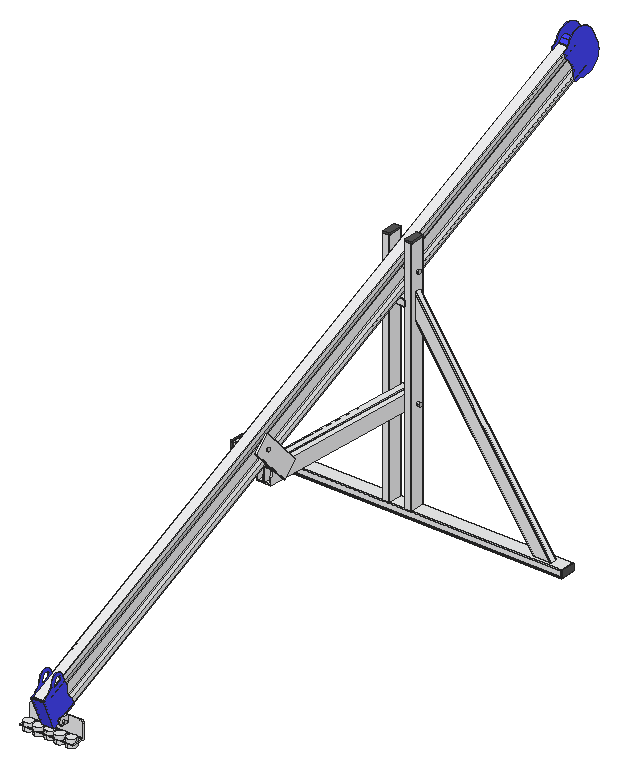
Revit family "FallProtection_RopeAccessNeedle_Kattsafe_1200AFrame", category Specialty Equipment, Revit 2025 (continued)
Definition of nested family "Rearattachment_Kattsafe_Needle"
  Lines and regions (mm)
    Masking region 1, visible <- "MountMaskCalc"
      outline origin (0, 0, 0) x (1, 0, 0) y (0, 1, 0)
        loop
          arc (135, -133.5) -> (142.071, -130.571) -> (145, -123.5) r 10
          line (145, -123.5) -> (145, 123.5)
          arc (145, 123.5) -> (142.071, 130.571) -> (135, 133.5) r 10
          line (135, 133.5) -> (-135, 133.5)
    Masking region 2, visible <- "Trolley"
      outline origin (0, 0, 0) x (1, 0, 0) y (0, 1, 0)
        loop
          line (-145, 36) -> (-145, 30) -> (-58.5, 30) -> (-58.5, -20) -> (-52.5, -20) -> (-52.5, 30) -> (52.5, 30) -> (52.5, -20) -> (58.5, -20) -> (58.5, 30) -> (145, 30) -> (145, 36) -> (-145, 36)
    symbolic lines, visible <- "Clamp"
      curve 1: line (-52.5, 50, 0) -> (-52.5, -50, 0)
      curve 2: line (-58.5, 50, 0) -> (-58.5, -50, 0)
      curve 3: line (-30, 50, 0) -> (-58.5, 50, 0)
      curve 4: line (-58.5, -50, 0) -> (-30, -50, 0)
      curve 5: line (30, 50, 0) -> (58.5, 50, 0)
      curve 6: line (52.5, -50, 0) -> (52.5, 50, 0)
      curve 7: line (58.5, -50, 0) -> (30, -50, 0)
      curve 8: line (58.5, 50, 0) -> (58.5, -50, 0)
    symbolic lines, visible <- "DeckMount", detail levels medium+fine
      curve 9: line (-145, 83.5, 0) -> (145, 83.5, 0)
      curve 10: line (-145, 64.993, 0) -> (145, 64.993, 0)
      curve 11: line (-145, -64.993, 0) -> (145, -64.993, 0)
      curve 12: line (-145, -83.5, 0) -> (145, -83.5, 0)
    symbolic lines, visible <- "ConcreteMount", detail levels medium+fine
      curve 13: line (-117.5, 9, 0) -> (-107.5, 9, 0)
      curve 14: arc (-107.5, 9, 0) -> (-98.5, 0, 0) -> (-107.5, -9, 0) r 9
      curve 15: line (-107.5, -9, 0) -> (-117.5, -9, 0)
      curve 16: arc (-117.5, -9, 0) -> (-126.5, 0, 0) -> (-117.5, 9, 0) r 9
      curve 17: line (117.5, -9, 0) -> (107.5, -9, 0)
      curve 18: arc (107.5, -9, 0) -> (98.5, 0, 0) -> (107.5, 9, 0) r 9
      curve 19: line (107.5, 9, 0) -> (117.5, 9, 0)
      curve 20: arc (117.5, 9, 0) -> (126.5, 0, 0) -> (117.5, -9, 0) r 9
    symbolic lines, detail levels medium+fine
      curve 21: line (30, 8, 0) -> (73, 8, 0)
      curve 22: line (73, 8, 0) -> (73, -8, 0)
      curve 23: line (73, -8, 0) -> (30, -8, 0)
      curve 24: line (-30, 8, 0) -> (-73, 8, 0)
      curve 25: line (-73, 8, 0) -> (-73, -8, 0)
      curve 26: line (-73, -8, 0) -> (-30, -8, 0)
    symbolic lines, visible <- "Trolley", detail levels medium+fine
      curve 27: line (-52.5, 30, 0) -> (-52.5, 36, 0)
      curve 28: line (52.5, 30, 0) -> (52.5, 36, 0)
  Dimensions and locks
    "MountClampOffset": plane 4 to plane 2
    locked: plane 5 to plane 4 at 98
    locked: plane 4 to Extrusion 1 sketch curve at 73
    locked: Extrusion 3 sketch curve to plane 4 at 6
    equal spacing: plane 6, plane 3 "Center (Left/Right)", plane 7
    "MountBaseWidth": plane 6 to plane 7
    equal spacing: plane 9, plane 1 "Center (Front/Back)", plane 8
    "MountBaseDepth": plane 9 to plane 8
    locked: plane 2 to plane 10 at 3
    "DeckFlangeCalc": plane 8 to plane 11
    "DeckFlangeCalc": plane 12 to plane 9
    "FixingBoltTopOffset": plane 5 to plane 13 "FixingBolt"
    locked: plane 14 to plane 1 "Center (Front/Back)" at 33
    locked: Extrusion 4 sketch curve to Extrusion 4 sketch curve at 2  (x2)
    locked: plane 10 to Extrusion 4 sketch curve at 2  (x2)
    locked: plane 4 to Extrusion 4 sketch curve at 2
    locked: Extrusion 6 sketch curve to plane 3 "Center (Left/Right)" at 145
    locked: plane 3 "Center (Left/Right)" to Extrusion 6 sketch curve at 145
    "DeckRubberWidthCalc": plane 6 to Extrusion 8 sketch curve
    "DeckRubberDepthCalc": Extrusion 8 sketch curve to plane 8
    equal spacing: Extrusion 8 sketch curve, plane 3 "Center (Left/Right)", Extrusion 8 sketch curve
    "DeckRubberWidthCalc": Extrusion 8 sketch curve to plane 7
    "DeckRubberDepthCalc": plane 9 to Extrusion 8 sketch curve
    plane 16 to plane 3 "Center (Left/Right)" to plane 17 = 58.5 mm locked, 58.5 mm locked
    locked: plane 19 to plane 16 at 58.5
    locked: plane 17 to plane 18 at 58.5
    plane 20 "VertRollersBack" to plane 14 to plane 21 "VertRollersFront" = 20 mm locked, 20 mm locked
    plane 23 "HoriRollersTop" to plane 15 to plane 22 "HoriRollerBtm" = 20 mm locked, 20 mm locked
    locked: plane 15 to Extrusion 9 sketch curve at 3.5  (x2)
    locked: plane 24 to plane 14 at 48
    locked: plane 24 to Extrusion 10 sketch curve at 3.5  (x2)
    locked: plane 2 to plane 15 at 30
    locked: plane 15 to Extrusion 11 sketch curve at 3.5  (x2)
    locked: plane 24 to Extrusion 12 sketch curve at 3.5  (x2)
    locked: plane 25 "TrolleyTop" to plane 26 at 40
    "TrolleyFixingOffset": plane 26 to plane 2
    equal spacing: plane 25 "TrolleyTop", Extrusion 13 sketch curve, plane 26
    equal spacing: plane 25 "TrolleyTop", Extrusion 14 sketch curve, plane 26
    Extrusion 7 sketch curve to Extrusion 7 sketch curve = 6 mm
    equal spacing: Extrusion 7 sketch curve, plane 15, Extrusion 7 sketch curve
    locked: plane 1 "Center (Front/Back)" to plane 24 at 15
    locked: plane 14 to Extrusion 7 sketch curve at 72
    plane 27 to plane 1 "Center (Front/Back)" to plane 28 = 50 mm locked, 50 mm locked
    "DeckRubberWidthCalc": Extrusion 8 sketch curve to Extrusion 8 sketch curve
    plane 30 to plane 3 "Center (Left/Right)" to plane 29 = 30 mm locked, 30 mm locked
    curve 12 to curve 11 to plane 1 "Center (Front/Back)" = 18.507 mm locked, 64.993 mm locked
    plane 1 "Center (Front/Back)" to curve 10 to curve 9 = 64.993 mm locked, 18.507 mm locked
    curve 26 to plane 1 "Center (Front/Back)" to curve 24 = 8 mm locked, 8 mm locked
    locked: Masking region 2 sketch curve to plane 14 at 53
    locked: Extrusion 16 sketch curve to Extrusion 16 sketch curve at 6  (x2)
    locked: Extrusion 16 sketch curve to Extrusion 16 sketch curve at 46
    locked: plane 3 "Center (Left/Right)" to Extrusion 16 sketch curve at 160
    locked: Extrusion 16 sketch curve to plane 3 "Center (Left/Right)" at 160
    locked: plane 6 to Extrusion 2 sketch curve at 27.5
    locked: Extrusion 2 sketch curve to plane 7 at 27.5
    radius of Extrusion 1 sketch curve = 15 mm  (x2)
    radius of Extrusion 3 sketch curve = 6 mm  (x2)
    radius of Extrusion 3 sketch curve = 12 mm  (x2)
    radius of Extrusion 5 sketch curve = 8 mm
    radius of Extrusion 6 sketch curve = 10 mm  (x2)
    radius of Extrusion 7 sketch curve = 4 mm
    radius of Extrusion 7 sketch curve = 10 mm
    "BaseFilletCalc": radius of Masking region 1 sketch curve  (x4)
    radius of Extrusion 2 sketch curve = 10 mm  (x4)
    radius of Extrusion 13 sketch curve = 20 mm
    radius of Extrusion 14 sketch curve = 20 mm
    radius of Extrusion 13 sketch curve = 9 mm
    radius of Extrusion 14 sketch curve = 9 mm
    radius of Extrusion 15 sketch curve = 20 mm  (x2)
    radius of curve 14 = 9 mm
    radius of curve 16 = 9 mm
    radius of curve 20 = 9 mm
    radius of curve 18 = 9 mm
    radius of Extrusion 16 sketch curve = 6 mm  (x4)
    radius of Extrusion 16 sketch curve = 12 mm  (x4)
    locked: Extrusion 4 sketch curve to plane 11 (angle 20.00°)  (x2)
    locked: plane 12 to Extrusion 4 sketch curve (angle 20.00°)  (x2)
    aligned and locked: level to plane 2
    aligned and locked: plane 5 to Extrusion 3 sketch curve
    aligned and locked: Extrusion 1 to Extrusion 3
    aligned and locked: Extrusion 3 to Extrusion 1
    aligned and locked: plane 4 to Extrusion 1
    aligned and locked: plane 5 to Extrusion 1 sketch curve
    aligned and locked: plane 4 to Extrusion 3 sketch curve
    aligned and locked: Extrusion 3 sketch curve to plane 4
    aligned and locked: plane 6 to Extrusion 4
    aligned and locked: Extrusion 4 to plane 7
    aligned and locked: plane 10 to Extrusion 4
    aligned and locked: plane 4 to Extrusion 4 sketch curve
    aligned and locked: plane 1 "Center (Front/Back)" to Extrusion 5 sketch curve
    aligned and locked: plane 13 "FixingBolt" to Extrusion 5 sketch curve
    aligned and locked: plane 11 to Extrusion 4 sketch curve
    aligned and locked: plane 12 to Extrusion 4 sketch curve
    aligned and locked: Extrusion 2 sketch curve to plane 9
    aligned and locked: plane 9 to Extrusion 2 sketch curve
    aligned and locked: plane 8 to Extrusion 2 sketch curve
    aligned and locked: Extrusion 2 sketch curve to plane 8
    aligned and locked: plane 7 to Masking region 1 sketch curve
    aligned and locked: plane 8 to Masking region 1 sketch curve
    aligned and locked: Masking region 1 sketch curve to plane 6
    aligned and locked: curve 1 to cut or joined group of Extrusion 1, Extrusion 3
    aligned and locked: curve 2 to cut or joined group of Extrusion 1, Extrusion 3
    aligned and locked: cut or joined group of Extrusion 1, Extrusion 3 to curve 3
    aligned and locked: curve 4 to cut or joined group of Extrusion 1, Extrusion 3
    aligned and locked: curve 8 to cut or joined group of Extrusion 1, Extrusion 3
    aligned and locked: curve 6 to cut or joined group of Extrusion 1, Extrusion 3
    aligned and locked: curve 5 to cut or joined group of Extrusion 1, Extrusion 3
    aligned and locked: curve 7 to cut or joined group of Extrusion 1, Extrusion 3
    aligned and locked: cut or joined group of Extrusion 2, Extrusion 4 to plane 8
    aligned and locked: plane 9 to cut or joined group of Extrusion 2, Extrusion 4
    aligned and locked: Masking region 1 sketch curve to plane 9
    aligned and locked: plane 8 to Extrusion 8 sketch curve  (x3)
    aligned and locked: Extrusion 8 sketch curve to plane 6  (x2)
    aligned and locked: plane 7 to Extrusion 8 sketch curve  (x2)
    aligned and locked: Extrusion 8 sketch curve to Extrusion 8 sketch curve  (x8)
    aligned and locked: Extrusion 8 sketch curve to plane 9  (x3)
    aligned and locked: Extrusion 8 to plane 2
    aligned and locked: Extrusion 8 to plane 10
    aligned and locked: plane 15 to Extrusion 9 sketch curve  (x3)
    aligned and locked: plane 19 to Extrusion 9 sketch curve
    aligned and locked: plane 16 to Extrusion 9 sketch curve
    aligned and locked: plane 3 "Center (Left/Right)" to Extrusion 9 sketch curve
    aligned and locked: plane 17 to Extrusion 9 sketch curve
    aligned and locked: plane 18 to Extrusion 9 sketch curve
    aligned and locked: plane 21 "VertRollersFront" to Extrusion 9
    aligned and locked: Extrusion 10 to plane 23 "HoriRollersTop"
    aligned and locked: plane 19 to Extrusion 10 sketch curve
    aligned and locked: plane 24 to Extrusion 10 sketch curve  (x3)
    aligned and locked: plane 16 to Extrusion 10 sketch curve
    aligned and locked: plane 3 "Center (Left/Right)" to Extrusion 10 sketch curve
    aligned and locked: plane 17 to Extrusion 10 sketch curve
    aligned and locked: plane 18 to Extrusion 10 sketch curve
    aligned and locked: Extrusion 10 to Extrusion 7
    aligned and locked: Extrusion 11 to plane 20 "VertRollersBack"
    aligned and locked: plane 19 to Extrusion 11 sketch curve
    aligned and locked: plane 16 to Extrusion 11 sketch curve
    aligned and locked: plane 3 "Center (Left/Right)" to Extrusion 11 sketch curve
    aligned and locked: plane 17 to Extrusion 11 sketch curve
    aligned and locked: plane 18 to Extrusion 11 sketch curve
    aligned and locked: Extrusion 12 to plane 22 "HoriRollerBtm"
    aligned and locked: plane 19 to Extrusion 12 sketch curve
    aligned and locked: plane 16 to Extrusion 12 sketch curve
    aligned and locked: plane 3 "Center (Left/Right)" to Extrusion 12 sketch curve
    aligned and locked: plane 17 to Extrusion 12 sketch curve
    aligned and locked: plane 18 to Extrusion 12 sketch curve
    aligned and locked: plane 24 to Extrusion 12 sketch curve  (x3)
    aligned and locked: plane 25 "TrolleyTop" to Extrusion 13
    aligned and locked: Extrusion 13 to plane 26
    aligned and locked: Extrusion 13 to Extrusion 6
    aligned and locked: Extrusion 14 sketch curve to plane 25 "TrolleyTop"
    aligned and locked: Extrusion 14 sketch curve to plane 26
    aligned and locked: Extrusion 14 sketch curve to Extrusion 6
    aligned and locked: plane 1 "Center (Front/Back)" to Extrusion 13 sketch curve
    aligned and locked: Extrusion 13 to cut or joined group of Extrusion 1, Extrusion 3
    aligned and locked: plane 16 to Extrusion 13
    aligned and locked: Extrusion 14 to plane 17
    aligned and locked: cut or joined group of Extrusion 1, Extrusion 3 to Extrusion 14
    aligned and locked: Extrusion 15 sketch curve to plane 25 "TrolleyTop"  (x3)
    aligned and locked: Extrusion 15 sketch curve to Extrusion 6
    aligned and locked: Extrusion 6 to Extrusion 15 sketch curve
    aligned and locked: Extrusion 6 to Extrusion 15
    aligned and locked: Extrusion 15 to Extrusion 6
    aligned and locked: Extrusion 15 sketch curve to Extrusion 13
    aligned and locked: Extrusion 15 sketch curve to Extrusion 14
    aligned and locked: Extrusion 15 sketch curve to plane 26
    aligned and locked: Extrusion 12 to cut or joined group of Extrusion 7, Extrusion 15
    aligned and locked: plane 15 to Extrusion 11 sketch curve  (x3)
    aligned and locked: Extrusion 1 sketch curve to plane 27
    aligned and locked: plane 28 to Extrusion 1 sketch curve
    aligned and locked: Extrusion 2 sketch curve to Masking region 1  (x4)
    aligned and locked: Extrusion 2 to plane 2
    aligned and locked: plane 30 to curve 5
    aligned and locked: plane 30 to curve 7
    aligned and locked: plane 29 to curve 3
    aligned and locked: plane 29 to curve 4
    aligned and locked: plane 7 to curve 11
    aligned and locked: plane 7 to curve 12
    aligned and locked: plane 7 to curve 10
    aligned and locked: plane 7 to curve 9
    aligned and locked: plane 6 to curve 9
    aligned and locked: plane 6 to curve 10
    aligned and locked: plane 6 to curve 11
    aligned and locked: plane 6 to curve 12
    aligned and locked: plane 29 to curve 26
    aligned and locked: plane 29 to curve 24
    aligned and locked: plane 30 to curve 21
    aligned and locked: plane 30 to curve 23
    aligned and locked: curve 22 to Extrusion 5
    aligned and locked: curve 25 to Extrusion 5
    aligned and locked: curve 24 to curve 21
    aligned and locked: curve 23 to curve 26
    aligned and locked: cut or joined group of Extrusion 1, Extrusion 3 to Masking region 2 sketch curve
    aligned and locked: Masking region 2 sketch curve to Extrusion 13
    aligned and locked: Masking region 2 sketch curve to cut or joined group of Extrusion 7, Extrusion 15  (x3)
    aligned and locked: Masking region 2 sketch curve to Masking region 2 sketch curve  (x2)
    aligned and locked: Masking region 2 sketch curve to Extrusion 14  (x2)
    aligned and locked: cut or joined group of Extrusion 7, Extrusion 15 to Masking region 2 sketch curve
    aligned and locked: cut or joined group of Extrusion 6, Extrusion 15 to Masking region 2 sketch curve
    aligned and locked: cut or joined group of Extrusion 7, Extrusion 15 to Extrusion 14
    aligned and locked: cut or joined group of Extrusion 7, Extrusion 15 to Extrusion 13
    aligned and locked: Extrusion 16 sketch curve to Extrusion 16 sketch curve
    aligned and locked: Extrusion 16 sketch curve to level  (x2)
    aligned and locked: cut or joined group of Extrusion 2, Extrusion 16 to plane 8
    aligned and locked: plane 9 to cut or joined group of Extrusion 2, Extrusion 16
    aligned and locked: curve 16 to cut or joined group of Extrusion 2, Extrusion 16
    aligned and locked: curve 20 to cut or joined group of Extrusion 2, Extrusion 16
  Automatic sketch dimensions
    curve 15 to plane 19 = 9.5 mm
    plane 18 to curve 19 = 9.5 mm
    plane 14 to curve 27 = 3 mm
    curve 27 to plane 16 = 6 mm
    plane 14 to curve 28 = 3 mm
    plane 17 to curve 28 = 6 mm
    curve 27 to plane 14 = 3 mm
    curve 28 to plane 14 = 3 mm
    Extrusion 1 sketch curve to plane 1 "Center (Front/Back)" = 0 mm
    plane 4 to Extrusion 1 sketch curve = 0 mm
    plane 1 "Center (Front/Back)" to Extrusion 2 sketch curve = 0 mm  (x2)
    plane 21 "VertRollersFront" to Extrusion 2 sketch curve = 4 mm
    Extrusion 2 sketch curve to plane 19 = 9.5 mm
    plane 18 to Extrusion 2 sketch curve = 9.5 mm
    plane 24 to Extrusion 2 sketch curve = 6 mm
    Extrusion 3 sketch curve to Extrusion 3 sketch curve = 0 mm  (x2)
    plane 16 to Extrusion 3 sketch curve = 0 mm
    plane 17 to Extrusion 3 sketch curve = 0 mm
    Extrusion 4 sketch curve to plane 8 = 0 mm
    plane 10 to Extrusion 4 sketch curve = 0 mm  (x2)
    Extrusion 4 sketch curve to plane 9 = 0 mm
    Extrusion 6 sketch curve to plane 25 "TrolleyTop" = 0 mm
    plane 22 "HoriRollerBtm" to Extrusion 6 sketch curve = 7 mm
    Extrusion 7 sketch curve to Extrusion 7 sketch curve = 0 mm  (x2)
    plane 25 "TrolleyTop" to Extrusion 7 sketch curve = 0 mm
    plane 14 to Extrusion 7 sketch curve = 7 mm
    Extrusion 13 sketch curve to Extrusion 13 sketch curve = 0 mm  (x2)
    plane 14 to Extrusion 13 sketch curve = 3 mm
    Extrusion 14 sketch curve to Extrusion 14 sketch curve = 0 mm
    Extrusion 14 sketch curve to plane 1 "Center (Front/Back)" = 0 mm
    plane 16 to Extrusion 16 sketch curve = 26.082 mm
    Extrusion 16 sketch curve to Extrusion 16 sketch curve = 0.927 mm  (x3)
    Extrusion 16 sketch curve to Extrusion 16 sketch curve = 4.243 mm  (x3)
    Extrusion 16 sketch curve to Extrusion 16 sketch curve = 5.17 mm  (x4)
    Extrusion 16 sketch curve to plane 16 = 12.889 mm
    Extrusion 16 sketch curve to Extrusion 16 sketch curve = 3.316 mm  (x2)
    plane 30 to Extrusion 16 sketch curve = 6.199 mm
    Extrusion 16 sketch curve to plane 17 = 16.67 mm
    radius of Extrusion 9 sketch curve = 26 mm  (x5)
    radius of Extrusion 10 sketch curve = 26 mm  (x5)
    radius of Extrusion 11 sketch curve = 26 mm  (x5)
    radius of Extrusion 12 sketch curve = 26 mm  (x5)
    radius of Extrusion 1 sketch curve = 9 mm
Definition of nested family "Z_Fallprotection_Kattsafe_Needle_Brace"
  Parameters (values of type "Type 1")
    URL = "https://kattsafe.com.au/"
    Material = none
    Manufacturer = "SAYFA"  # constant formula
    Length [instance] = 1000 mm
    Default Elevation = 1219.2 mm
    CreatedByURL = "https://igsgroup.com.au"
    CreatedBy = "IGS BIM Solutions"  # constant formula
  Reference planes
    plane 1 "Center (Front/Back)": y = 0
    plane 2: z = 0
    plane 3 "Center (Left/Right)": x = 0
    plane 4: x = -50
    plane 5: x = 950
    plane 6: y = 38.5
    plane 7: y = -38.5
    plane 8: y = 48.5
    plane 9: y = -48.5
  Forms (mm)
    Extrusion 1, solid
      sketch origin (0, 0, 0) x (1, 0, 0) y (0, 1, 0)
        loop
          line (-1219.2, 1219.2) -> (-1219.2, -1219.2) -> (1219.2, -1219.2) -> (1219.2, 1219.2) -> (-1219.2, 1219.2)
      from 0 to -304.8
    Extrusion 2, solid, material <- "Material"
      sketch origin (0, 0, 0) x (1, 0, 0) y (0, 0, 1)
        loop
          line (870, -40) -> (1067.99, 157.99) -> (997.279, 228.701) -> (799.289, 30.711) -> (870, -40)
        loop
          circle (997.279, 157.99) r 9
      from 38.5 to 48.5
    Extrusion 3, solid, material <- "Material"
      sketch origin (0, 0, 0) x (1, 0, 0) y (0, 0, 1)
        loop
          line (870, -40) -> (1067.99, 157.99) -> (997.279, 228.701) -> (799.289, 30.711) -> (870, -40)
        loop
          circle (997.279, 157.99) r 9
      from -48.5 to -38.5
    Extrusion 4, solid
      sketch origin (0, 0, 0) x (1, 0, 0) y (0, 0, 1)
        loop
          circle (997.279, 157.99) r 8
      from -58.5 to 58.5
    Extrusion 5, solid, material <- "Material"
      sketch origin (-50, 605.484, 156.054) x (0, 0, 1) y (0, -1, 0)
        loop
          line (-116.054, 605.484) -> (-116.054, 643.984) -> (-196.054, 643.984) -> (-196.054, 605.484) -> (-116.054, 605.484)
        loop
          line (-119.554, 608.984) -> (-119.554, 640.484) -> (-192.554, 640.484) -> (-192.554, 608.984) -> (-119.554, 608.984)
      from 0 to 1000
    Extrusion 6, solid, material <- "Material"
      sketch origin (-50, 605.484, 156.054) x (0, 0, 1) y (0, -1, 0)
        loop
          line (-116.054, 566.984) -> (-116.054, 605.484) -> (-196.054, 605.484) -> (-196.054, 566.984) -> (-116.054, 566.984)
        loop
          line (-119.554, 570.484) -> (-119.554, 601.984) -> (-192.554, 601.984) -> (-192.554, 570.484) -> (-119.554, 570.484)
      from 0 to 1000
    Extrusion 7, void
      sketch origin (0, 0, 0) x (-1, 0, 0) y (0, 0, 1)
        loop
          circle (0, 0) r 9
      from -38.5 to 38.5
    Extrusion 8, solid
      sketch origin (0, 0, 0) x (1, 0, 0) y (0, 0, 1)
        loop
          circle (0, 0) r 8
      from -100 to 100
  Cuts and joins
    Extrusion 7 cuts Extrusion 5
    Extrusion 7 cuts Extrusion 6
  Dimensions and locks
    plane 6 to plane 1 "Center (Front/Back)" to plane 7 = 38.5 mm, 38.5 mm
    locked: plane 6 to plane 7 at 77
    locked: plane 8 to plane 6 at 10
    locked: plane 7 to plane 9 at 10
    Extrusion 2 to Extrusion 4 sketch curve = 50 mm  (x2)
    locked: plane 3 "Center (Left/Right)" to plane 4 at 50
    "Length": plane 4 to plane 5
    radius of Extrusion 4 sketch curve = 8 mm
    radius of Extrusion 2 sketch curve = 9 mm
    radius of Extrusion 7 sketch curve = 9 mm
    radius of Extrusion 8 sketch curve = 8 mm
    aligned and locked: plane 2 to Extrusion 1
    aligned and locked: level to Extrusion 1
    aligned and locked: Extrusion 2 to plane 9
    aligned and locked: Extrusion 2 to plane 7
    aligned and locked: plane 9 to Extrusion 2
    aligned and locked: plane 7 to Extrusion 2
    aligned and locked: cut or joined group of Extrusion 5, Extrusion 7 to plane 4
    aligned and locked: cut or joined group of Extrusion 6, Extrusion 7 to plane 4
    aligned and locked: plane 5 to cut or joined group of Extrusion 5, Extrusion 7
    aligned and locked: plane 5 to cut or joined group of Extrusion 6, Extrusion 7
    aligned and locked: plane 2 to Extrusion 8 sketch curve
    aligned and locked: plane 3 "Center (Left/Right)" to Extrusion 8 sketch curve
    aligned and locked: Extrusion 3 to plane 6
    aligned and locked: Extrusion 3 to plane 8
    aligned and locked: Extrusion 7 to plane 7
    aligned and locked: plane 6 to Extrusion 7
  Automatic sketch dimensions
    Extrusion 1 sketch curve to Extrusion 1 sketch curve = 2438.4 mm  (x2)
    level to Extrusion 2 sketch curve = 30.711 mm
    Extrusion 2 sketch curve to plane 5 = 150.711 mm
    Extrusion 2 sketch curve to level = 40 mm
    Extrusion 2 sketch curve to plane 5 = 80 mm
    plane 5 to Extrusion 2 sketch curve = 47.279 mm  (x2)
    Extrusion 2 sketch curve to Extrusion 2 sketch curve = 70.711 mm
    level to Extrusion 3 sketch curve = 30.711 mm
    Extrusion 3 sketch curve to plane 5 = 150.711 mm
    Extrusion 3 sketch curve to level = 40 mm
    Extrusion 3 sketch curve to plane 5 = 80 mm
    plane 5 to Extrusion 3 sketch curve = 47.279 mm  (x2)
    Extrusion 3 sketch curve to Extrusion 3 sketch curve = 70.711 mm
    Extrusion 6 sketch curve to plane 1 "Center (Front/Back)" = 0 mm
    Extrusion 6 sketch curve to plane 6 = 0 mm
    Extrusion 6 sketch curve to level = 40 mm
    Extrusion 6 sketch curve to Extrusion 6 sketch curve = 3.5 mm  (x2)
    Extrusion 6 sketch curve to plane 1 "Center (Front/Back)" = 3.5 mm
    level to Extrusion 6 sketch curve = 36.5 mm
    Extrusion 6 sketch curve to plane 6 = 3.5 mm
    Extrusion 5 sketch curve to plane 7 = 0 mm
    Extrusion 5 sketch curve to plane 1 "Center (Front/Back)" = 0 mm
    Extrusion 5 sketch curve to level = 40 mm
    Extrusion 5 sketch curve to Extrusion 5 sketch curve = 3.5 mm  (x2)
    plane 7 to Extrusion 5 sketch curve = 3.5 mm
    level to Extrusion 5 sketch curve = 36.5 mm
    plane 1 "Center (Front/Back)" to Extrusion 5 sketch curve = 3.5 mm
    Extrusion 7 sketch curve to level = 0 mm
    Extrusion 7 sketch curve to plane 3 "Center (Left/Right)" = 0 mm
    radius of Extrusion 3 sketch curve = 9 mm
Types (15, lengths in mm): name | Type Comments | TrolleyAlignOffset | RearMemberFixingPointCalc | RearBeamWidth | RearBeamHeight | RearBeamAngledHeightCalc | Model | ManufacturerSpecCode | MainBoomCenterExtension | RearFixingHeight | ExtendedBraceLengthCalc | ExtendableBoom | DesiredBackspanLength | CantileverSizeSelector | BraceLength | ActualCantileverLength | ActualBackspanLength | 1800Extension | 1500Extension | 1200Extension
  1200 Cantilever - Horizontal Trolley (OH412.1200 + OH448A) | "1200mm A-Frame - 1200mm Extension - Horizontal Trolley Rear Attachment" | 15 | 70 | 60 | 180 | 160 | "OH412.12 + OH448A" | "OH412.12 + OH448A" | 0 | 42 | 950 | no | 2400 | 1 | 1000 | 1330 | 2400 | no | no | yes
  1200 Cantilever - Vertical Trolley (OH412.1200 + OH449A) | "1200mm A-Frame - 1200mm Extension - Vertical Trolley Rear Attachment" | 33 | 70 | 60 | 180 | 160 | "OH412.12 + OH449A" | "OH412.12 + OH449A" | 0 | 66.5 | 950 | no | 2400 | 1 | 1000 | 1330 | 2400 | no | no | yes
  1200 Cantilever - Wide Deck Mount (OH412.1200 + OH444W) | "1200mm A-Frame - 1200mm Extension - Wide Deck Mount Rear Attachment" | 0 | 70 | 60 | 180 | 160 | "OH412.12 + OH444W" | "OH412.12 + OH444W" | 0 | 125 | 950 | no | 2400 | 1 | 1000 | 1330 | 2400 | no | no | yes
  1200 Cantilever - Metal Deck Mount (OH412.1200 + OH444A) | "1200mm A-Frame - 1200mm Extension - Metal Deck Mount Rear Attachment" | 0 | 70 | 60 | 180 | 160 | "OH412.12 + OH444A" | "OH412.12 + OH444A" | 0 | 123 | 950 | no | 2400 | 1 | 1000 | 1330 | 2400 | no | no | yes
  1800 Cantilever - Horizontal Trolley (OH412.1800 + OH448A) | "1200mm A-Frame - 1800mm Extension - Horizontal Trolley Rear Attachment" | 15 | 75 | 70 | 190 | 170 | "OH412.18 + OH448A" | "OH412.18 + OH448A" | 1225 | 42 | 1450 | yes | 3000 | 3 | 1500 | 1570 | 3000 | yes | no | no
  1800 Cantilever - Vertical Trolley (OH412.1800 + OH449A) | "1200mm A-Frame - 1800mm Extension - Vertical Trolley Rear Attachment" | 33 | 75 | 70 | 190 | 170 | "OH412.18 + OH449A" | "OH412.18 + OH449A" | 1225 | 66.5 | 1450 | yes | 3000 | 3 | 1500 | 1570 | 3000 | yes | no | no
  1800 Cantilever - Wide Deck Mount (OH412.1800 + OH444W) | "1200mm A-Frame - 1800mm Extension - Wide Deck Mount Rear Attachment" | 0 | 75 | 70 | 190 | 170 | "OH412.18 + OH444W" | "OH412.18 + OH444W" | 1225 | 125 | 1450 | yes | 3000 | 3 | 1500 | 1570 | 3000 | yes | no | no
  1800 Cantilever - Metal Deck Mount (OH412.1800 + OH444A) | "1200mm A-Frame - 1800mm Extension - Metal Deck Mount Rear Attachment" | 0 | 75 | 70 | 190 | 170 | "OH412.18 + OH444A" | "OH412.18 + OH444A" | 1225 | 123 | 1450 | yes | 3000 | 3 | 1500 | 1570 | 3000 | yes | no | no
  1800 Cantilever - Concrete Mount (OH412.1800 + OH443) | "1200mm A-Frame - 1800mm Extension - Concrete Mount Rear Attachment" | 0 | 75 | 70 | 190 | 170 | "OH412.18 + OH443" | "OH412.18 + OH443" | 1225 | 119 | 1450 | yes | 3000 | 3 | 1500 | 1570 | 3000 | yes | no | no
  1500 Cantilever - Horizontal Trolley (OH412.1500 + OH448A) | "1200mm A-Frame - 1500mm Extension - Horizontal Trolley Rear Attachment" | 15 | 75 | 70 | 190 | 170 | "OH412.15 + OH448A" | "OH412.15 + OH448A" | 1045 | 42 | 1150 | yes | 3000 | 2 | 1200 | 1340 | 3000 | no | yes | no
  1500 Cantilever - Vertical Trolley (OH412.1500 + OH449A) | "1200mm A-Frame - 1500mm Extension - Vertical Trolley Rear Attachment" | 33 | 75 | 70 | 190 | 170 | "OH412.15 + OH449A" | "OH412.15 + OH449A" | 1045 | 66.5 | 1150 | yes | 3000 | 2 | 1200 | 1340 | 3000 | no | yes | no
  1500 Cantilever - Wide Deck Mount (OH412.1500 + OH444W) | "1200mm A-Frame - 1500mm Extension - Wide Deck Mount Rear Attachment" | 0 | 75 | 70 | 190 | 170 | "OH412.15 + OH444W" | "OH412.15 + OH444W" | 1045 | 125 | 1150 | yes | 3000 | 2 | 1200 | 1340 | 3000 | no | yes | no
  1500 Cantilever - Metal Deck Mount (OH412.1500 + OH444A) | "1200mm A-Frame - 1500mm Extension - Metal Deck Mount Rear Attachment" | 0 | 75 | 70 | 190 | 170 | "OH412.15 + OH444A" | "OH412.15 + OH444A" | 1045 | 123 | 1150 | yes | 3000 | 2 | 1200 | 1340 | 3000 | no | yes | no
  1500 Cantilever - Concrete Mount (OH412.1500 + OH443) | "1200mm A-Frame - 1500mm Extension - Concrete Mount Rear Attachment" | 0 | 75 | 70 | 190 | 170 | "OH412.15 + OH443" | "OH412.15 + OH443" | 1045 | 119 | 1150 | yes | 3000 | 2 | 1200 | 1340 | 3000 | no | yes | no
  1200 Cantilever - Concrete Mount (OH412.1200 + OH443) | "1200mm A-Frame - 1200mm Extension - Concrete Mount Rear Attachment" | 0 | 70 | 60 | 180 | 160 | "OH412.12 + OH443" | "OH412.12 + OH443" | 0 | 119 | 950 | no | 2400 | 1 | 1000 | 1330 | 2400 | no | no | yes
